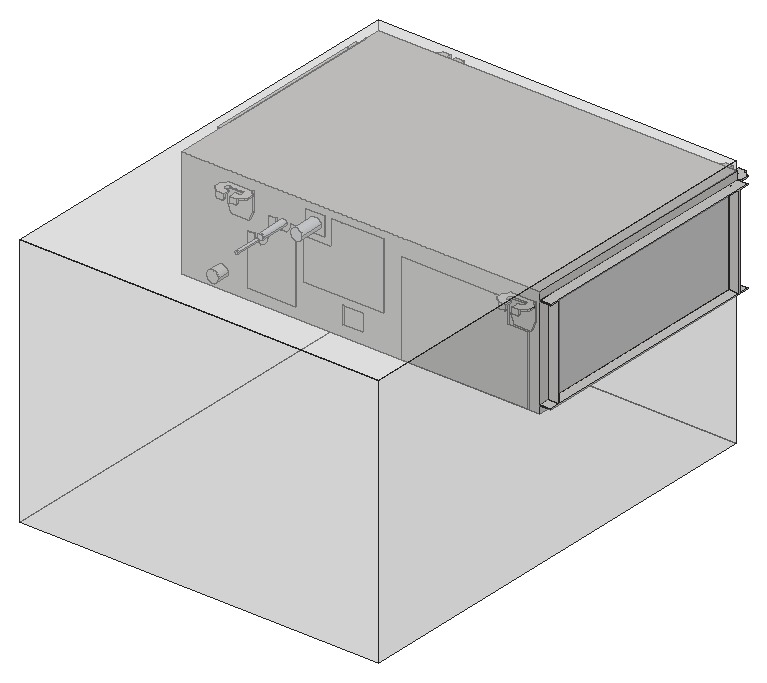
Revit family "outputfile", category 機械設備, Revit 2024
Family settings
  丸型コネクタ寸法 = 半径を使用
  パーツ タイプ = 標準
  OmniClass 番号 = 23.75.10.24.21.27.27
  OmniClass タイトル = Split System Air Conditioning Units
  作業面ベース = いいえ
  常に垂直 = はい
  ロード時にボイドで切り取り = いいえ
  注釈の向きを維持 = いいえ
  共有 = いいえ
  部屋計算ポイント = はい
Parameters (values of type "FXSQ20PAVE9")
  Description = ""
  製造元 = "Daikin"
  書き出し IFC クラス(タイプ) = "IfcUnitaryEquipmentType"
  定義済み IFC タイプ(タイプ) = "AIRCONDITIONINGUNIT"
  Cost = 0
  モデル = "FXSQ20PAVE9"
  Type Comments = ""
  Keynote = ""
  Type Image = (empty or 0)
  Assembly Code = ""
  r_Liquid Pipe Size = Liquid Pipe Size / 2  # 3.2 mm
  r_Gas Pipe Size = Gas Pipe Size / 2  # 6.35 mm
  r_Drain Pipe Size = Drain Pipe Size / 2  # 12.5 mm
  lw_power = 770.0 mm  # constant formula
  lh_SA = 138.0 mm  # constant formula
  lw_SA = if(Depth = 550.0 mm, 225.0 mm, if(Depth = 700.0 mm, 300.0 mm, if(Depth = 1000.0 mm, 450.0 mm, if(Depth = 1400.0 mm, 650.0 mm, 725.0 mm))))  # 225.0 mm
  lw_RA = if(Depth = 550.0 mm, 275.0 mm, if(Depth = 700.0 mm, 349.0 mm, if(Depth = 1000.0 mm, 499.0 mm, if(Depth = 1400.0 mm, 699.0 mm, 775.0 mm))))  # 275.0 mm
  lh_power = 60.0 mm + [h***]  # 60.0 mm
  lh_mountinghole1 = lh_mountinghole + [h***]  # 222.0 mm
  lh_RA = 123.0 mm  # constant formula
  ld_power = Depth / 2  # 275.0 mm
  Voltage_comment_60Hz = "220"
  Voltage_comment_50Hz = "220-240"
  Voltage_60Hz = 220 V
  Voltage_50Hz = 220 V
  URL = ""
  Supply Air Direction [instance] = yes
  Sound Power Level_H speed (dB) = 61
  Phase_60Hz = 1
  Phase_50Hz = 1
  Minimum External Static Pressure = 30.00 Pa
  Minimum Circuit Amps_60Hz = 0.8 A
  Minimum Circuit Amps_50Hz = 0.8 A
  Maximum Fuse Amps_60Hz = 16.0 A
  Maximum Fuse Amps_50Hz = 16.0 A
  Maximum External Static Pressure = 150.00 Pa
  Material_Casing = DAIKIN_GalvanizedSteel_Casing_indoorunit
  lw_mountinghole = 630.0 mm  # constant formula
  lh_gaspipe = 183.0 mm + [h***]  # 183.0 mm
  lh_mountinghole = 222.0 mm  # constant formula
  lh_liquidpipe = 136.0 mm + [h***]  # 136.0 mm
  lh_drainpipe = 207.0 mm + [h***]  # 207.0 mm
  lh_antena = Height - lh_mountinghole + 1.0 mm  # 24.0 mm
  ld_drainpipe = Depth / 2 + 53.0 mm  # 328.0 mm
  ld_liquidpipe = Depth / 2 + 69.0 mm  # 344.0 mm
  ld_gaspipe = Depth / 2 + 65.0 mm  # 340.0 mm
  ld_mountinghole = Depth + 38.0 mm  # 588.0 mm
  h*** = 0.0 mm  # constant formula
  lw_liquidpipe = 179.0 mm  # constant formula
  lw_gaspipe = 229.0 mm  # constant formula
  lw_drainpipe = 300.0 mm  # constant formula
  Width = 800.0 mm
  Version = "ver.1.0"
  Unit Type = "Middle Static Pressure Duct Type"
  Unit Mass Weight = 25.00 kg
  Unit Designation [instance] = ""
  Uniclass2015Version = "Products v1.30"
  Uniclass2015Title = "Variable refrigerant flow units"
  Uniclass2015Code = "Pr_70_65_03_94"
  Total Heating Capacity [instance] = 0.000 kW
  Total Cooling Capacity [instance] = 0.000 kW
  Sound Pressure Level_M speed (dBA) = 0
  Sound Pressure Level_L speed (dBA) = 28
  Sound Pressure Level_H speed (dBA) = 33
  Series = "VRV Fan Coil Unit"
  Sensible Cooling Capacity [instance] = 0.000 kW
  SA Duct Size Width = if(Depth = 550.0 mm, 337.0 mm, if(Depth = 700.0 mm, 492.0 mm, if(Depth = 1000.0 mm, 792.0 mm, if(Depth = 1400.0 mm, 1192.0 mm, 1337.0 mm))))  # 337.0 mm
  SA Duct Size Height = 176.0 mm
  Refrigerant Type = "R410A"
  RA Duct Size Width = if(Depth = 550.0 mm, 502.0 mm, if(Depth = 700.0 mm, 654.0 mm, if(Depth = 1000.0 mm, 952.0 mm, if(Depth = 1400.0 mm, 1352.0 mm, 1502.0 mm))))  # 502.0 mm
  RA Duct Size Height = 208.0 mm
  Power Input (Heating) = 0.099 kW
  Power Input (Cooling) = 0.104 kW
  Option Accessory 3 [instance] = ""
  Option Accessory 2 [instance] = ""
  Option Accessory 1 [instance] = ""
  Nominal Heating Capacity = 2.500 kW
  Nominal Cooling Capacity = 2.200 kW
  Minimum Airflow = 390.00 m³/h
  Median Airflow = 450.00 m³/h
  Maximum Airflow = 540.00 m³/h
  Load Classification = HVAC
  Liquid Pipe Size = 6.4 mm
  Link_Nested Family [instance] = ""
  IfcVersion = "0"
  IfcExportType = "AIRCONDITIONINGUNIT"
  IfcExportAs = "IfcUnitaryEquipmentType"
  Height = 245.0 mm
  Heating Entering Wet Bulb Temperature [instance] = 0.00 °C
  Heating Entering Dry Bulb Temperature [instance] = 0.00 °C
  Heating Ambient Wet Bulb Temperature [instance] = 0.00 °C
  Heating Ambient Dry Bulb Temperature [instance] = 0.00 °C
  Heat Exchanger Type = "Cross Fin Coil"
  Gas Pipe Size = 12.7 mm
  Frequency_60Hz = 60 Hz
  Frequency_50Hz = 50 Hz
  Fan Type = "Sirocco Fan"
  Fan Drive = "Direct Drive"
  FCU Tag No. [instance] = ""
  Drain Pipe Size = 25.0 mm
  Design Supply Airflow [instance] = 0.00 m³/h
  Design Return Airflow [instance] = 0.00 m³/h
  Design External Static Pressure [instance] = 0.00 Pa
  Depth = 550.0 mm
  既定の高さ = 0.0 mm
  Cooling Entering Wet Bulb Temperature [instance] = 0.00 °C
  Cooling Entering Dry Bulb Temperature [instance] = 0.00 °C
  Cooling Ambient Wet Bulb Temperature [instance] = 0.00 °C
  Cooling Ambient Dry Bulb Temperature [instance] = 0.00 °C
  Clearance visibility [instance] = yes
  Clearance Top = 20.0 mm
  Clearance Right = 0.0 mm
  Clearance Rear = 0.0 mm
  Clearance Left = 0.0 mm
  Clearance Front = 450.0 mm
  Clearance Bottom = 300.0 mm
Reference planes
  plane 1 "Center (Front/Back)": y = 0
  plane 2 "h": z = 0
  plane 3 "Center (Left/Right)": x = 0
  plane 4 "Back": y = 275
  plane 5 "Front": y = -275
  plane 6 "Left": x = -400
  plane 7 "Reight": x = 400
  plane 8 "Top": z = 0
  plane 9 "Bottom": z = -245
  plane 10: y = -215
  plane 11: y = 275
  plane 12: y = -725
  plane 13: x = -400
  plane 14: x = 400
  plane 15: z = 20
  plane 16: z = -545
  plane 17: x = -400
  plane 18: x = -399
  plane 19: x = 399
  plane 20: y = 50
  plane 21: y = 0
  plane 22: z = -122
  plane 23: y = -276
  plane 24: z = -109
  plane 25: x = -221
  plane 26: y = -340
  plane 27: z = -62
  plane 28: x = -171
  plane 29: y = -328
  plane 30: z = -38
  plane 31: x = -100
  plane 32: x = -100
  plane 33: x = -221
  plane 34: x = -171
  plane 35: x = 370
  plane 36: x = -266
  plane 37: x = 364
  plane 38: y = -294
  plane 39: y = 294
  plane 40: z = -23
  plane 41: z = -107
  plane 42: y = -344
  plane 43: z = -207
  plane 44: x = -309
  plane 45: y = -301
  plane 46: x = -251
  plane 47: x = -203
  plane 48: x = -144
  plane 49: z = -59
  plane 50: z = -106
  plane 51: z = -221
  plane 52: z = -109
  plane 53: x = -221
  plane 54: z = -62
  plane 55: x = -171
  plane 56: z = -17
  plane 57: z = -59
  plane 58: x = -121
  plane 59: x = -79
  plane 60: x = -125
  plane 61: x = -64
  plane 62: x = 53
  plane 63: z = -164
  plane 64: z = -73
  plane 65: z = -16
  plane 66: x = 93.5
  plane 67: x = 374.5
  plane 68: x = 330
  plane 69: z = -88.5
  plane 70: z = -38
  plane 71: z = -242.5
  plane 72: x = -38.5
  plane 73: x = 6.5
  plane 74: z = -181
  plane 75: z = -221
  plane 76: y = -274
  plane 77: x = -424
  plane 78: x = 424
Forms (mm)
  Extrusion 1, solid, material "DAIKIN_GalvanizedSteel_Casing_indoorunit" <- "Material_Casing"
    sketch origin (0, 0, 0) x (1, 0, 0) y (0, 1, 0)
      loop
        line (-399, 275) -> (-399, -275) -> (399, -275) -> (399, 275) -> (-399, 275)
    from -245 to 0
  Extrusion 2, solid, material "DAIKIN_GalvanizedSteel_Casing_indoorunit" <- "Material_Casing"
    sketch origin (0, 0, 0) x (1, 0, 0) y (0, 0, 1)
      loop
        line (-251, -221) -> (-144, -221) -> (-144, -59) -> (-154.47, -59)
        arc (-154.47, -59) -> (-171, -78.8) -> (-187.53, -59) r 16.8
        line (-187.53, -59) -> (-203, -59) -> (-203, -106) -> (-206.916, -106)
        arc (-206.916, -106) -> (-221, -123.4) -> (-235.084, -106) r 14.4
        line (-235.084, -106) -> (-251, -106) -> (-251, -221)
    from 275 to 276
  Extrusion 3, solid, material "DAIKIN_GalvanizedSteel_Casing_indoorunit" <- "Material_Casing"
    sketch origin (0, 0, 0) x (1, 0, 0) y (0, 0, 1)
      loop
        line (-121, -17) -> (-121, -59) -> (-79, -59) -> (-79, -17) -> (-121, -17)
      loop
        line (-125, -73) -> (-125, -164) -> (53, -164) -> (53, -16) -> (-64, -16) -> (-64, -73) -> (-125, -73)
    from 275 to 276
  Extrusion 4, solid, material "DAIKIN_GalvanizedSteel_Casing_indoorunit" <- "Material_Casing"
    sketch origin (0, 0, 0) x (1, 0, 0) y (0, 0, 1)
      loop
        line (93.5, -38) -> (93.5, -242.5) -> (374.5, -242.5) -> (374.5, -88.5) -> (330, -88.5) -> (330, -38) -> (93.5, -38)
    from 275 to 276
  Extrusion 5, solid
    sketch origin (0, 0, 0) x (1, 0, 0) y (0, 0, 1)
      loop
        circle (-221, -109) r 3.2
    from 275 to 344
  Extrusion 6, solid
    sketch origin (0, 0, 0) x (1, 0, 0) y (0, 0, 1)
      loop
        circle (-171, -62) r 6.35
    from 275 to 340
  Extrusion 7, solid
    sketch origin (0, 0, 0) x (1, 0, 0) y (0, 0, 1)
      loop
        circle (-100, -38) r 12.5
    from 276 to 328
  Extrusion 8, solid, material "DAIKIN_GalvanizedSteel_Casing_indoorunit" <- "Material_Casing"
    sketch origin (0, 0, 0) x (1, 0, 0) y (0, 0, 1)
      loop
        circle (-309, -207) r 13
    from 275 to 301
  Extrusion 9, void
    sketch origin (0, 0, 0) x (1, 0, 0) y (0, 0, 1)
      loop
        line (-38.5, -181) -> (-38.5, -221) -> (6.5, -221) -> (6.5, -181) -> (-38.5, -181)
    from 274 to 275
Cuts and joins
  Extrusion 9 cuts Extrusion 1
Dimensions and locks
  "Height": plane 8 "Top" to plane 9 "Bottom"
  equal spacing: plane 4 "Back", plane 1 "Center (Front/Back)", plane 5 "Front"
  "Depth": plane 4 "Back" to plane 5 "Front"
  equal spacing: plane 6 "Left", plane 3 "Center (Left/Right)", plane 7 "Reight"
  "Width": plane 6 "Left" to plane 7 "Reight"
  "Clearance Left": plane 13 to plane 6 "Left"
  "Clearance Right": plane 7 "Reight" to plane 14
  "Clearance Rear": plane 11 to plane 4 "Back"
  "Clearance Front": plane 5 "Front" to plane 12
  "Clearance Top": plane 15 to plane 8 "Top"
  "Clearance Bottom": plane 9 "Bottom" to plane 16
  locked: plane 17 to plane 18 at 1
  locked: plane 19 to plane 14 at 1
  "lw_SA": plane 11 to plane 20
  "lw_RA": plane 21 to plane 5 "Front"
  "lh_RA": plane 22 to plane 9 "Bottom"
  locked: plane 5 "Front" to plane 23 at 1
  "lw_liquidpipe": plane 25 to plane 6 "Left"
  "lh_liquidpipe": plane 24 to plane 9 "Bottom"
  "lh_gaspipe": plane 27 to plane 9 "Bottom"
  "lw_gaspipe": plane 28 to plane 6 "Left"
  "ld_gaspipe": plane 26 to plane 1 "Center (Front/Back)"
  "ld_drainpipe": plane 29 to plane 1 "Center (Front/Back)"
  "lh_drainpipe": plane 30 to plane 9 "Bottom"
  "lw_drainpipe": plane 31 to plane 6 "Left"
  "lw_drainpipe": plane 6 "Left" to plane 32
  "lw_liquidpipe": plane 6 "Left" to plane 33
  "lw_gaspipe": plane 6 "Left" to plane 34
  "lw_power": plane 6 "Left" to plane 35
  locked: plane 17 to plane 36 at 134
  "lw_mountinghole": plane 36 to plane 37
  equal spacing: plane 38, plane 1 "Center (Front/Back)", plane 39
  "ld_mountinghole": plane 39 to plane 38
  "lh_mountinghole": plane 40 to plane 9 "Bottom"
  "lh_SA": plane 41 to plane 9 "Bottom"
  "ld_liquidpipe": plane 21 to plane 42
  locked: plane 44 to plane 6 "Left" at 91
  locked: plane 43 to plane 9 "Bottom" at 38
  locked: plane 5 "Front" to plane 45 at 26
  plane 48 to plane 47 to plane 46 to plane 6 "Left" = 59.0 mm, 48.0 mm, 149.0 mm
  plane 8 "Top" to plane 49 to plane 50 to plane 51 = 59.0 mm locked, 47.0 mm locked, 115.0 mm locked
  plane 55 to plane 53 to plane 6 "Left" = 50.0 mm locked, 179.0 mm locked
  plane 54 to plane 52 to plane 9 "Bottom" = 47.0 mm locked, 136.0 mm locked
  plane 59 to plane 58 to plane 6 "Left" = 42.0 mm locked, 279.0 mm locked
  plane 8 "Top" to plane 56 to plane 57 = 17.0 mm locked, 42.0 mm locked
  plane 62 to plane 61 to plane 60 to plane 6 "Left" = 117.0 mm, 61.0 mm, 275.0 mm
  plane 8 "Top" to plane 65 to plane 64 = 16.0 mm locked, 57.0 mm locked
  locked: plane 65 to plane 63 at 148
  plane 8 "Top" to plane 70 to plane 69 to plane 71 = 38.0 mm locked, 50.5 mm locked, 154.0 mm locked
  plane 67 to plane 68 to plane 66 to plane 6 "Left" = 44.5 mm locked, 236.5 mm locked, 493.5 mm locked
  plane 8 "Top" to plane 74 to plane 75 = 181.0 mm locked, 40.0 mm locked
  plane 73 to plane 72 to plane 6 "Left" = 45.0 mm, 361.5 mm
  locked: plane 76 to plane 5 "Front" at 1
  locked: plane 77 to plane 17 at 24
  locked: plane 14 to plane 78 at 24
  "r_Liquid Pipe Size": radius of Extrusion 5 sketch curve
  "r_Gas Pipe Size": radius of Extrusion 6 sketch curve
  "r_Drain Pipe Size": radius of Extrusion 7 sketch curve
  aligned and locked: level to plane 2 "h"
  aligned and locked: plane 8 "Top" to Extrusion 1
  aligned and locked: Extrusion 1 to plane 9 "Bottom"
  aligned and locked: nested 5 to plane 12
  aligned and locked: plane 13 to nested 5
  aligned and locked: plane 14 to nested 5
  aligned and locked: nested 5 to plane 13
  aligned and locked: plane 11 to nested 5
  aligned and locked: plane 15 to nested 5
  aligned and locked: plane 16 to nested 5
  aligned and locked: plane 5 "Front" to Extrusion 1 sketch curve
  aligned and locked: Extrusion 1 to plane 18
  aligned and locked: plane 19 to Extrusion 1
  aligned and locked: nested 7 to plane 18
  aligned and locked: nested 7 to plane 20
  aligned and locked: plane 19 to nested 8
  aligned and locked: plane 21 to nested 8
  aligned and locked: plane 22 to nested 8
  aligned and locked: Extrusion 2 to plane 23
  aligned and locked: plane 5 "Front" to Extrusion 2
  aligned and locked: Extrusion 3 to plane 23
  aligned and locked: plane 5 "Front" to Extrusion 3
  aligned and locked: plane 5 "Front" to Extrusion 4
  aligned and locked: Extrusion 5 sketch curve to plane 25
  aligned and locked: plane 24 to Extrusion 5 sketch curve
  aligned and locked: plane 5 "Front" to Extrusion 5
  aligned and locked: Extrusion 6 sketch curve to plane 28
  aligned and locked: plane 27 to Extrusion 6 sketch curve
  aligned and locked: plane 5 "Front" to Extrusion 6
  aligned and locked: Extrusion 7 sketch curve to plane 31
  aligned and locked: Extrusion 7 sketch curve to plane 30
  aligned and locked: Extrusion 7 to plane 29
  aligned and locked: plane 23 to Extrusion 7
  aligned and locked: nested 3 to plane 29
  aligned and locked: plane 32 to nested 3
  aligned and locked: nested 2 to plane 33
  aligned and locked: nested 1 to plane 34
  aligned and locked: Extrusion 6 to plane 26
  aligned and locked: nested 1 to plane 26
  aligned and locked: nested 6 to plane 5 "Front"
  aligned and locked: plane 35 to nested 6
  aligned and locked: plane 36 to nested 10
  aligned and locked: nested 10 to plane 5 "Front"
  aligned and locked: plane 37 to nested 9
  aligned and locked: nested 9 to plane 5 "Front"
  aligned and locked: nested 11 to plane 36
  aligned and locked: plane 4 "Back" to nested 11
  aligned and locked: nested 12 to plane 37
  aligned and locked: plane 4 "Back" to nested 12
  aligned and locked: plane 40 to nested 10
  aligned and locked: plane 40 to nested 11
  aligned and locked: plane 40 to nested 9
  aligned and locked: plane 40 to nested 12
  aligned and locked: plane 36 to nested 14
  aligned and locked: nested 14 to plane 39
  aligned and locked: plane 37 to nested 13
  aligned and locked: nested 13 to plane 39
  aligned and locked: plane 37 to nested 16
  aligned and locked: plane 38 to nested 16
  aligned and locked: plane 38 to nested 15
  aligned and locked: plane 36 to nested 15
  aligned and locked: plane 17 to plane 6 "Left"
  aligned and locked: plane 41 to nested 7
  aligned and locked: Extrusion 5 to plane 42
  aligned and locked: nested 2 to plane 42
  aligned and locked: Extrusion 8 sketch curve to plane 44
  aligned and locked: plane 43 to Extrusion 8 sketch curve
  aligned and locked: plane 5 "Front" to Extrusion 8
  aligned and locked: plane 45 to Extrusion 8
  aligned and locked: Extrusion 3 sketch curve to plane 56
  aligned and locked: Extrusion 3 sketch curve to plane 58
  aligned and locked: plane 57 to Extrusion 3 sketch curve
  aligned and locked: plane 59 to Extrusion 3 sketch curve
  aligned and locked: Extrusion 4 to plane 23
  aligned and locked: Extrusion 9 sketch curve to plane 74
  aligned and locked: plane 75 to Extrusion 9 sketch curve
  aligned and locked: plane 73 to Extrusion 9 sketch curve
  aligned and locked: plane 5 "Front" to Extrusion 9
  aligned and locked: plane 76 to Extrusion 9
  aligned and locked: nested 17 to plane 20
  aligned and locked: nested 17 to plane 77
  aligned and locked: plane 21 to nested 18
  aligned and locked: plane 78 to nested 18
  aligned and locked: plane 41 to nested 17
  aligned and locked: nested 18 to plane 22
  aligned and locked: nested 4 to plane 3 "Center (Left/Right)"
  aligned and locked: plane 1 "Center (Front/Back)" to nested 4
  aligned and locked: plane 8 "Top" to level
Automatic sketch dimensions
  plane 6 "Left" to Extrusion 1 sketch curve = 1.0 mm
  Extrusion 1 sketch curve to plane 7 "Reight" = 1.0 mm
  Extrusion 1 sketch curve to plane 4 "Back" = 0.0 mm
  Extrusion 2 sketch curve to plane 46 = 0.0 mm
  Extrusion 2 sketch curve to plane 33 = 0.0 mm
  Extrusion 2 sketch curve to plane 47 = 0.0 mm
  Extrusion 2 sketch curve to plane 34 = 0.0 mm
  Extrusion 2 sketch curve to plane 48 = 0.0 mm
  Extrusion 2 sketch curve to plane 51 = 0.0 mm
  Extrusion 2 sketch curve to plane 52 = 0.0 mm
  Extrusion 2 sketch curve to plane 50 = 0.0 mm  (x3)
  Extrusion 2 sketch curve to plane 54 = 0.0 mm
  Extrusion 2 sketch curve to plane 49 = 0.0 mm  (x3)
  plane 33 to Extrusion 2 sketch curve = 14.084 mm
  plane 34 to Extrusion 2 sketch curve = 16.53 mm
  Extrusion 3 sketch curve to plane 60 = 0.0 mm
  Extrusion 3 sketch curve to plane 61 = 0.0 mm
  Extrusion 3 sketch curve to plane 62 = 0.0 mm
  Extrusion 3 sketch curve to plane 63 = 0.0 mm
  Extrusion 3 sketch curve to plane 64 = 0.0 mm
  Extrusion 3 sketch curve to plane 65 = 0.0 mm
  Extrusion 4 sketch curve to plane 66 = 0.0 mm
  Extrusion 4 sketch curve to plane 68 = 0.0 mm
  Extrusion 4 sketch curve to plane 67 = 0.0 mm
  Extrusion 4 sketch curve to plane 71 = 0.0 mm
  Extrusion 4 sketch curve to plane 69 = 0.0 mm
  Extrusion 4 sketch curve to plane 70 = 0.0 mm
  Extrusion 9 sketch curve to plane 72 = 0.0 mm
  radius of Extrusion 8 sketch curve = 13.0 mm
Nested families
  nested 1: "daikin_connector_rotate2" at (-171, 0, -62), length <- "ld_gaspipe", built-in parameter 1001364 <- "lh_gaspipe", radius <- "r_Gas Pipe Size", type "daikin_connector_rotate2"
    with radius 6.35 mm, length 340.0 mm, angle_vertical 90.00°
  nested 2: "daikin_connector_rotate2" at (-221, 0, -109), length <- "ld_liquidpipe", built-in parameter 1001364 <- "lh_liquidpipe", radius <- "r_Liquid Pipe Size", type "daikin_connector_rotate2"
    with radius 3.2 mm, length 344.0 mm, angle_vertical 90.00°
  nested 3: "daikin_connector_rotate2" at (-100, 0, -38), length <- "ld_drainpipe", built-in parameter 1001364 <- "lh_drainpipe", radius <- "r_Drain Pipe Size", type "daikin_connector_rotate2"
    with radius 12.5 mm, length 328.0 mm, angle_vertical 90.00°
  nested 4: "daikin_△_symbolicline" at (0, 0, 245) x (0, -1, 0) z (0, 0, 1), built-in parameter 1001364 <- "Height", visible <- "Supply Air Direction", type "daikin_△_symbolicline"
    with length 200.0 mm
  nested 5: "daikin_clearancespace" at (0, -225, -262.381), visible <- "Clearance visibility", show <- "Clearance visibility", Link_Nested Family <- "Link_Nested Family", type "daikin_clearancespace"
    with width 800.0 mm, show yes, height 565.0 mm, depth 1000.0 mm, Link_Nested Family ""
  nested 6: "daikin_connector_rotate2" at (370, 0, -185), built-in parameter 1001364 <- "lh_power", length <- "ld_power", type "daikin_connector_rotate2"
    with radius 10.0 mm, length 275.0 mm, angle_vertical 90.00°
  nested 7: "daikin_ductflange_FXSQ-PAVE9_2" at (-399, 50, -107) x (0, -1, 0) z (0, 0, 1), type "daikin_ductflange_FXSQ-PAVE9_2"
  nested 8: "daikin_ductflange_FXSQ-PAVE9_1" at (399, 0, -122) x (0, 1, 0) z (0, 0, 1), type "daikin_ductflange_FXSQ-PAVE9_1"
  nested 9: "daikin_hangerfixture_FXSQ-PAVE9" at (364, -275, -23), type "daikin_hangerfixture_FXSQ-PAVE9"
  nested 10: "daikin_hangerfixture_FXSQ-PAVE9" at (-266, -275, -23), type "daikin_hangerfixture_FXSQ-PAVE9"
  nested 11: "daikin_hangerfixture_FXSQ-PAVE9" at (-266, 275, -23) x (-1, 0, 0) z (0, 0, 1), type "daikin_hangerfixture_FXSQ-PAVE9"
  nested 12: "daikin_hangerfixture_FXSQ-PAVE9" at (364, 275, -23) x (-1, 0, 0) z (0, 0, 1), type "daikin_hangerfixture_FXSQ-PAVE9"
  nested 13: "daikin_mountinghole" at (364, 294, -245), h_mountinghole <- "lh_mountinghole1", l_antenna <- "lh_antena", Link_Nested Family <- "Link_Nested Family", type "daikin_mountinghole"
    with show yes, l_antenna 24.0 mm, h_mountinghole 222.0 mm, Link_Nested Family ""
  nested 14: "daikin_mountinghole" at (-266, 294, -245), h_mountinghole <- "lh_mountinghole1", l_antenna <- "lh_antena", Link_Nested Family <- "Link_Nested Family", type "daikin_mountinghole"
    with show yes, l_antenna 24.0 mm, h_mountinghole 222.0 mm, Link_Nested Family ""
  nested 15: "daikin_mountinghole" at (-266, -294, -245), h_mountinghole <- "lh_mountinghole1", l_antenna <- "lh_antena", Link_Nested Family <- "Link_Nested Family", type "daikin_mountinghole"
    with show yes, l_antenna 24.0 mm, h_mountinghole 222.0 mm, Link_Nested Family ""
  nested 16: "daikin_mountinghole" at (364, -294, -245), h_mountinghole <- "lh_mountinghole1", l_antenna <- "lh_antena", Link_Nested Family <- "Link_Nested Family", type "daikin_mountinghole"
    with show yes, l_antenna 24.0 mm, h_mountinghole 222.0 mm, Link_Nested Family ""
  nested 17: "daikin_connector_rotate2" at (-400, 50, -107) x (0, -1, 0) z (0, 0, 1), type "daikin_connector_rotate2"
    with radius 10.0 mm, length 24.0 mm, angle_vertical 90.00°
  nested 18: "daikin_connector_rotate2" at (400, 0, -122) x (0, 1, 0) z (0, 0, 1), type "daikin_connector_rotate2"
    with radius 10.0 mm, length 24.0 mm, angle_vertical 90.00°
Connectors
  piping at (-100, -328, -38), diameter 25, driven by "r_Drain Pipe Size"
    settings: on nested 3, index 3, connector inside diameter 609.6 mm, connector length 0.0 mm, flow factor 0, pipe flow 0.00 m³/h, pressure drop 0.0 Pa, fitting loss kfactor 0, connector angle 0.00°, fixture units 0, engagement length 0.0 mm, angle of deflection 0.00°, flow configuration 1, flow direction 2, fitting loss method 4, system type 16, joint type 0, gender type 0, connector reference index -1, connector utility 0, adjustable connector no, is connector primary yes, connector description "Condensate Drain Piping"
  piping at (-171, -340, -62), diameter 12.7, driven by "r_Gas Pipe Size"
    settings: on nested 1, index 4, connector inside diameter 609.6 mm, connector length 0.0 mm, flow factor 0, pipe flow 0.00 m³/h, pressure drop 0.0 Pa, fitting loss kfactor 0, connector angle 0.00°, fixture units 0, engagement length 0.0 mm, angle of deflection 0.00°, flow configuration 1, flow direction 2, fitting loss method 0, system type 29, joint type 0, gender type 0, connector reference index -1, connector utility 0, adjustable connector no, is connector primary no, connector description "Refrigerant Gas Piping"
  piping at (-221, -344, -109), diameter 6.4, driven by "r_Liquid Pipe Size"
    settings: on nested 2, index 5, connector inside diameter 609.6 mm, connector length 0.0 mm, flow factor 0, pipe flow 0.00 m³/h, pressure drop 0.0 Pa, fitting loss kfactor 0, connector angle 0.00°, fixture units 0, engagement length 0.0 mm, angle of deflection 0.00°, flow configuration 1, flow direction 1, fitting loss method 0, system type 29, joint type 0, gender type 0, connector reference index -1, connector utility 0, adjustable connector no, is connector primary no, connector description "Refrigerant Liquid Piping"
  electrical at (370, -275, -185), driven by "Load Classification"
    settings: on nested 6, index 6, voltage 0 V, apparent load 0 VA, apparent load phase1 0 VA, apparent load phase2 0 VA, apparent load phase3 0 VA, power factor 1, load classification "HVAC", number of poles 1, system type 30, power factor state 1, is connector primary yes, connector utility no, sub classification motor no, connector description "Power Supply"
  hvac at (-424, 50, -107), driven by "SA Duct Size Height", driven by "SA Duct Size Width"
    settings: on nested 17, index 7, duct flow 0.00 m³/h, flow factor 0, pres drop 0.00 Pa, loss coef 0, conn angle 0.00°, conn width 337.0 mm, conn height 176.0 mm, conn diameter 609.6 mm, duct sys type 1, conn prof type 1, flow config 0, flow direction 2, loss method 4, conn ref index -1, conn util no, is conn primary yes, conn desc "SA Duct"
  hvac at (424, 0, -122), driven by "RA Duct Size Height", driven by "RA Duct Size Width"
    settings: on nested 18, index 8, duct flow 0.00 m³/h, flow factor 0, pres drop 0.00 Pa, loss coef 0, conn angle 0.00°, conn width 502.0 mm, conn height 208.0 mm, conn diameter 609.6 mm, duct sys type 2, conn prof type 1, flow config 0, flow direction 1, loss method 4, conn ref index -1, conn util no, is conn primary no, conn desc "RA Duct"
Definition of nested family "daikin_clearancespace"
  Parameters (values of type "daikin_clearancespace")
    width [instance] = 1823.963 mm
    show [instance] = yes
    material = none
    height [instance] = 1359.762 mm
    depth [instance] = 880.0 mm
    Default Elevation = 0.0 mm
    Link_Nested Family [instance] = ""
  Reference planes
    plane 1 "Center (Front/Back)": y = 0
    plane 2 "Center (Elevation)": z = -0.119
    plane 3 "Center (Left/Right)": x = 0
    plane 4: y = 440
    plane 5: y = -440
    plane 6 "Right": x = 911.982
    plane 7 "Left": x = -911.982
    plane 8 "Top": z = 679.762
    plane 9 "Bottom": z = -680
  Forms (mm)
    Extrusion 1, solid, material <- "material", visible <- "show"
      sketch origin (0, 0, 0) x (1, 0, 0) y (0, 1, 0)
        loop
          line (-911.982, 440) -> (-911.982, -440) -> (911.982, -440) -> (911.982, 440) -> (-911.982, 440)
      from -680 to 679.762
  Lines and regions (mm)
    symbolic lines, visible <- "show"
      curve 1: line (911.982, 440, 0) -> (-911.982, 440, 0)
      curve 2: line (-911.982, 440, 0) -> (-911.982, -440, 0)
      curve 3: line (-911.982, -440, 0) -> (911.982, -440, 0)
      curve 4: line (911.982, -440, 0) -> (911.982, 440, 0)
      curve 5: line (911.982, 0, 679.762) -> (-911.982, 0, 679.762)
      curve 6: line (911.982, 0, -680) -> (911.982, 0, 679.762)
      curve 7: line (-911.982, 0, -680) -> (911.982, 0, -680)
      curve 8: line (-911.982, 0, 679.762) -> (-911.982, 0, -680)
      curve 9: line (0, 440, 679.762) -> (0, -440, 679.762)
      curve 10: line (0, -440, 679.762) -> (0, -440, -680)
      curve 11: line (0, 440, -680) -> (0, 440, 679.762)
      curve 12: line (0, -440, -680) -> (0, 440, -680)
  Dimensions and locks
    "width": plane 7 "Left" to plane 6 "Right"
    "depth": plane 4 to plane 5
    "height": plane 8 "Top" to plane 9 "Bottom"
    equal spacing: plane 7 "Left", plane 3 "Center (Left/Right)", plane 6 "Right"
    equal spacing: plane 4, plane 1 "Center (Front/Back)", plane 5
    equal spacing: plane 8 "Top", plane 2 "Center (Elevation)", plane 9 "Bottom"
    aligned and locked: level to plane 2 "Center (Elevation)"
    aligned and locked: Extrusion 1 sketch curve to plane 4
    aligned and locked: plane 7 "Left" to Extrusion 1 sketch curve
    aligned and locked: Extrusion 1 sketch curve to plane 5
    aligned and locked: Extrusion 1 sketch curve to plane 6 "Right"
    aligned and locked: plane 8 "Top" to Extrusion 1
    aligned and locked: curve 1 to Extrusion 1
    aligned and locked: curve 2 to Extrusion 1
    aligned and locked: curve 3 to Extrusion 1
    aligned and locked: curve 4 to Extrusion 1
    aligned and locked: curve 5 to Extrusion 1
    aligned and locked: curve 6 to Extrusion 1
    aligned and locked: curve 7 to Extrusion 1
    aligned and locked: curve 8 to Extrusion 1
    aligned and locked: curve 9 to Extrusion 1
    aligned and locked: curve 10 to Extrusion 1
    aligned and locked: curve 11 to Extrusion 1
    aligned and locked: curve 12 to Extrusion 1
    aligned and locked: Extrusion 1 to plane 9 "Bottom"
Definition of nested family "daikin_ductflange_FXSQ-PAVE9_2"
  Parameters (values of type "daikin_ductflange_FXMQ-PAVE2")
    width = if(w = 550.0 mm, 337.0 mm, if(w = 700.0 mm, 492.0 mm, if(w = 1000.0 mm, 792.0 mm, if(w = 1400.0 mm, 1192.0 mm, 1337.0 mm))))  # 337.0 mm
    material = none
    height = 215.0 mm
    depth = 1.0 mm
    w = 550.0 mm
    Default Elevation = 0.0 mm
  Reference planes
    plane 1 "Center (Front/Back)": y = 0
    plane 2: z = 0
    plane 3 "Center (Left/Right)": x = 0
    plane 4: z = 88
    plane 5: z = -88
    plane 6: y = -25
    plane 7: z = 106
    plane 8: z = 89
    plane 9: y = -1
    plane 10: x = -192.5
    plane 11: x = 192.5
    plane 12: z = -106
    plane 13: z = -89
    plane 14: y = -1
    plane 15: x = 168.5
    plane 16: x = -168.5
    plane 17: x = 169.5
    plane 18: z = 87
    plane 19: z = -87
    plane 20: x = -169.5
    plane 21: z = 87
    plane 22: z = -87
    plane 23: y = -1
  Forms (mm)
    Extrusion 1, solid, material <- "material"
      sketch origin (0, 0, 0) x (0, 1, 0) y (0, 0, 1)
        loop
          line (-25, 88) -> (0, 88) -> (0, 106) -> (-1, 106) -> (-1, 89) -> (-25, 89) -> (-25, 88)
      from -192.5 to 192.5
    Extrusion 2, solid, material <- "material"
      sketch origin (0, 0, 0) x (0, 1, 0) y (0, 0, 1)
        loop
          line (-25, -88) -> (-25, -89) -> (-1, -89) -> (-1, -106) -> (0, -106) -> (0, -88) -> (-25, -88)
      from -192.5 to 192.5
    Extrusion 3, solid, material <- "material"
      sketch origin (0, 0, 0) x (1, 0, 0) y (0, 0, 1)
        loop
          line (168.5, 88) -> (168.5, -88) -> (192.5, -88) -> (192.5, -87) -> (169.5, -87) -> (169.5, 87) -> (192.5, 87) -> (192.5, 88) -> (168.5, 88)
      from 0 to 25
    Extrusion 4, solid, material <- "material"
      sketch origin (0, 0, 0) x (1, 0, 0) y (0, 0, 1)
        loop
          line (-192.5, 88) -> (-192.5, 87) -> (-169.5, 87) -> (-169.5, -87) -> (-192.5, -87) -> (-192.5, -88) -> (-168.5, -88) -> (-168.5, 88) -> (-192.5, 88)
      from 0 to 25
    Extrusion 5, solid, material <- "material"
      sketch origin (0, 0, 0) x (1, 0, 0) y (0, 0, 1)
        loop
          line (-192.5, 88) -> (-192.5, -88) -> (-168.5, -88) -> (-168.5, 88) -> (-192.5, 88)
        loop
          line (192.5, 88) -> (168.5, 88) -> (168.5, -88) -> (192.5, -88) -> (192.5, 88)
      from 0 to 1
  Cuts and joins
    joined: Extrusion 1, Extrusion 2, Extrusion 3, Extrusion 4, Extrusion 5
  Dimensions and locks
    plane 4 to level to plane 5 = 88.0 mm, 88.0 mm
    locked: plane 6 to plane 1 "Center (Front/Back)" at 25
    locked: plane 9 to plane 1 "Center (Front/Back)" at 1
    locked: plane 8 to plane 4 at 1
    locked: plane 16 to plane 10 at 24
    locked: plane 17 to plane 15 at 1
    locked: plane 4 to plane 18 at 1
    locked: plane 19 to plane 5 at 1
    "width": plane 15 to plane 16
    plane 4 to plane 5 = 176.0 mm
    locked: plane 16 to plane 20 at 1
    locked: plane 4 to plane 21 at 1
    locked: plane 22 to plane 5 at 1
    locked: plane 23 to plane 1 "Center (Front/Back)" at 1
    plane 4 to level to plane 5 = 88.0 mm locked, 88.0 mm locked
    locked: plane 5 to plane 13 at 1
    locked: plane 5 to plane 12 at 18
    locked: plane 7 to plane 4 at 18
    equal spacing: plane 15, plane 3 "Center (Left/Right)", plane 16
    locked: plane 11 to plane 15 at 24
    plane 11 to plane 10 = 385.0 mm
    aligned and locked: level to plane 2
    aligned and locked: Extrusion 1 to plane 10
    aligned and locked: plane 11 to Extrusion 1
    aligned and locked: plane 5 to Extrusion 2
    aligned and locked: Extrusion 2 to plane 1 "Center (Front/Back)"
    aligned and locked: plane 15 to Extrusion 3 sketch curve
    aligned and locked: Extrusion 3 sketch curve to Extrusion 2  (x2)
    aligned and locked: Extrusion 3 sketch curve to plane 11
    aligned and locked: plane 6 to Extrusion 3
    aligned and locked: Extrusion 2 to plane 10
    aligned and locked: plane 11 to Extrusion 2
    aligned and locked: Extrusion 4 sketch curve to Extrusion 1  (x2)
    aligned and locked: plane 5 to Extrusion 4 sketch curve
    aligned and locked: Extrusion 4 sketch curve to plane 16
    aligned and locked: Extrusion 4 sketch curve to plane 22
    aligned and locked: plane 20 to Extrusion 4 sketch curve
    aligned and locked: plane 21 to Extrusion 4 sketch curve
    aligned and locked: Extrusion 4 to plane 1 "Center (Front/Back)"
    aligned and locked: plane 6 to Extrusion 4
    aligned and locked: Extrusion 5 sketch curve to Extrusion 1  (x4)
    aligned and locked: Extrusion 5 sketch curve to Extrusion 4  (x2)
    aligned and locked: Extrusion 5 sketch curve to Extrusion 3  (x2)
    aligned and locked: Extrusion 5 to plane 1 "Center (Front/Back)"
    aligned and locked: plane 23 to Extrusion 5
  Automatic sketch dimensions
    Extrusion 1 sketch curve to plane 6 = 0.0 mm
    Extrusion 1 sketch curve to plane 7 = 0.0 mm
    Extrusion 1 sketch curve to plane 9 = 0.0 mm
    Extrusion 1 sketch curve to plane 1 "Center (Front/Back)" = 0.0 mm
    Extrusion 1 sketch curve to plane 4 = 0.0 mm
    Extrusion 1 sketch curve to plane 8 = 0.0 mm
    Extrusion 2 sketch curve to plane 6 = 0.0 mm
    plane 12 to Extrusion 2 sketch curve = 0.0 mm
    Extrusion 2 sketch curve to plane 14 = 0.0 mm
    Extrusion 2 sketch curve to plane 1 "Center (Front/Back)" = 0.0 mm
    plane 13 to Extrusion 2 sketch curve = 0.0 mm
    Extrusion 2 sketch curve to plane 5 = 0.0 mm
    Extrusion 3 sketch curve to plane 17 = 0.0 mm
    Extrusion 3 sketch curve to plane 19 = 0.0 mm
    Extrusion 3 sketch curve to plane 18 = 0.0 mm
    Extrusion 3 sketch curve to plane 4 = 0.0 mm
    Extrusion 4 sketch curve to plane 10 = 0.0 mm
Definition of nested family "daikin_ductflange_FXSQ-PAVE9_1"
  Parameters (values of type "daikin_ductflange_FXMQ-PAVE")
    width = if(w = 550.0 mm, 502.0 mm, if(w = 700.0 mm, 654.0 mm, if(w = 1000.0 mm, 952.0 mm, if(w = 1400.0 mm, 1352.0 mm, 1502.0 mm))))  # 502.0 mm
    material = none
    height = 208.0 mm
    depth = 1.0 mm
    w = 550.0 mm
    Default Elevation = 0.0 mm
  Reference planes
    plane 1 "Center (Front/Back)": y = 0
    plane 2: z = 0
    plane 3 "Center (Left/Right)": x = 0
    plane 4: z = 104
    plane 5: z = -104
    plane 6: y = -25
    plane 7: z = 121
    plane 8: z = 105
    plane 9: y = -1
    plane 10: x = -275
    plane 11: x = 275
    plane 12: z = -122
    plane 13: z = -105
    plane 14: y = -1
    plane 15: x = 251
    plane 16: x = -251
    plane 17: x = 252
    plane 18: z = 103
    plane 19: z = -103
    plane 20: x = -252
    plane 21: z = 103
    plane 22: z = -103
    plane 23: y = -1
  Forms (mm)
    Extrusion 1, solid, material <- "material"
      sketch origin (0, 0, 0) x (0, 1, 0) y (0, 0, 1)
        loop
          line (-25, 104) -> (0, 104) -> (0, 121) -> (-1, 121) -> (-1, 105) -> (-25, 105) -> (-25, 104)
      from -275 to 275
    Extrusion 2, solid, material <- "material"
      sketch origin (0, 0, 0) x (0, 1, 0) y (0, 0, 1)
        loop
          line (-25, -104) -> (-25, -105) -> (-1, -105) -> (-1, -122) -> (0, -122) -> (0, -104) -> (-25, -104)
      from -275 to 275
    Extrusion 3, solid, material <- "material"
      sketch origin (0, 0, 0) x (1, 0, 0) y (0, 0, 1)
        loop
          line (251, 104) -> (251, -104) -> (275, -104) -> (275, -103) -> (252, -103) -> (252, 103) -> (275, 103) -> (275, 104) -> (251, 104)
      from 0 to 25
    Extrusion 4, solid, material <- "material"
      sketch origin (0, 0, 0) x (1, 0, 0) y (0, 0, 1)
        loop
          line (-275, 104) -> (-275, 103) -> (-252, 103) -> (-252, -103) -> (-275, -103) -> (-275, -104) -> (-251, -104) -> (-251, 104) -> (-275, 104)
      from 0 to 25
    Extrusion 5, solid, material <- "material"
      sketch origin (0, 0, 0) x (1, 0, 0) y (0, 0, 1)
        loop
          line (-275, 104) -> (-275, -104) -> (-251, -104) -> (-251, 104) -> (-275, 104)
        loop
          line (275, 104) -> (251, 104) -> (251, -104) -> (275, -104) -> (275, 104)
      from 0 to 1
  Cuts and joins
    joined: Extrusion 1, Extrusion 2, Extrusion 3, Extrusion 4, Extrusion 5
  Dimensions and locks
    plane 4 to level to plane 5 = 104.0 mm, 104.0 mm
    locked: plane 6 to plane 1 "Center (Front/Back)" at 25
    locked: plane 9 to plane 1 "Center (Front/Back)" at 1
    locked: plane 8 to plane 4 at 1
    locked: plane 11 to plane 15 at 24
    locked: plane 16 to plane 10 at 24
    locked: plane 17 to plane 15 at 1
    locked: plane 4 to plane 18 at 1
    locked: plane 19 to plane 5 at 1
    "width": plane 15 to plane 16
    equal spacing: plane 15, plane 3 "Center (Left/Right)", plane 16
    locked: plane 16 to plane 20 at 1
    locked: plane 4 to plane 21 at 1
    locked: plane 22 to plane 5 at 1
    locked: plane 23 to plane 1 "Center (Front/Back)" at 1
    locked: plane 7 to plane 4 at 17
    locked: plane 1 "Center (Front/Back)" to plane 14 at 1
    locked: plane 5 to plane 13 at 1
    "height": plane 4 to plane 5
    plane 11 to plane 10 = 550.0 mm
    locked: plane 12 to plane 13 at 17
    equal spacing: plane 4, level, plane 5
    aligned and locked: level to plane 2
    aligned and locked: Extrusion 1 to plane 10
    aligned and locked: plane 11 to Extrusion 1
    aligned and locked: plane 5 to Extrusion 2
    aligned and locked: Extrusion 2 to plane 1 "Center (Front/Back)"
    aligned and locked: plane 15 to Extrusion 3 sketch curve
    aligned and locked: Extrusion 3 sketch curve to Extrusion 2  (x2)
    aligned and locked: Extrusion 3 sketch curve to plane 11
    aligned and locked: plane 6 to Extrusion 3
    aligned and locked: Extrusion 2 to plane 10
    aligned and locked: plane 11 to Extrusion 2
    aligned and locked: Extrusion 4 sketch curve to Extrusion 1  (x2)
    aligned and locked: plane 5 to Extrusion 4 sketch curve
    aligned and locked: Extrusion 4 sketch curve to plane 16
    aligned and locked: Extrusion 4 sketch curve to plane 22
    aligned and locked: plane 20 to Extrusion 4 sketch curve
    aligned and locked: plane 21 to Extrusion 4 sketch curve
    aligned and locked: Extrusion 4 to plane 1 "Center (Front/Back)"
    aligned and locked: plane 6 to Extrusion 4
    aligned and locked: Extrusion 5 sketch curve to Extrusion 1  (x4)
    aligned and locked: Extrusion 5 sketch curve to Extrusion 4  (x2)
    aligned and locked: Extrusion 5 sketch curve to Extrusion 3  (x2)
    aligned and locked: Extrusion 5 to plane 1 "Center (Front/Back)"
    aligned and locked: plane 23 to Extrusion 5
  Automatic sketch dimensions
    Extrusion 1 sketch curve to plane 6 = 0.0 mm
    Extrusion 1 sketch curve to plane 7 = 0.0 mm
    Extrusion 1 sketch curve to plane 9 = 0.0 mm
    Extrusion 1 sketch curve to plane 1 "Center (Front/Back)" = 0.0 mm
    Extrusion 1 sketch curve to plane 4 = 0.0 mm
    Extrusion 1 sketch curve to plane 8 = 0.0 mm
    Extrusion 2 sketch curve to plane 6 = 0.0 mm
    plane 12 to Extrusion 2 sketch curve = 0.0 mm
    Extrusion 2 sketch curve to plane 14 = 0.0 mm
    Extrusion 2 sketch curve to plane 1 "Center (Front/Back)" = 0.0 mm
    plane 13 to Extrusion 2 sketch curve = 0.0 mm
    Extrusion 2 sketch curve to plane 5 = 0.0 mm
    Extrusion 3 sketch curve to plane 17 = 0.0 mm
    Extrusion 3 sketch curve to plane 19 = 0.0 mm
    Extrusion 3 sketch curve to plane 18 = 0.0 mm
    Extrusion 3 sketch curve to plane 4 = 0.0 mm
    Extrusion 4 sketch curve to plane 10 = 0.0 mm
Definition of nested family "daikin_hangerfixture_FXSQ-PAVE9"
  Parameters (values of type "daikin_hangerfixture_FXMQ-PAVE")
    width = 72.0 mm
    material = none
    height = 60.0 mm
    depth = 41.0 mm
    Default Elevation = 0.0 mm
  Reference planes
    plane 1 "Center (Front/Back)": y = 0
    plane 2: z = 0
    plane 3 "Center (Left/Right)": x = 0
    plane 4: y = 417.146
    plane 5: y = -41
    plane 6: x = -36
    plane 7: x = 36
    plane 8: z = -2.3
    plane 9: z = -60
    plane 10: y = -2.3
    plane 11: z = -12
    plane 12: y = -38.7
  Forms (mm)
    Extrusion 1, solid, material <- "material"
      sketch origin (0, 0, 0) x (1, 0, 0) y (0, 1, 0)
        loop
          line (-28, 0) -> (-28, -5)
          arc (-28, -5) -> (-29.127, -8.162) -> (-32, -9.899) r 5
          arc (-32, -9.899) -> (-34.873, -11.636) -> (-36, -14.798) r 5
          line (-36, -14.798) -> (-36, -27.178)
          arc (-36, -27.178) -> (-35.429, -29.499) -> (-33.846, -31.289) r 5
          line (-33.846, -31.289) -> (-23, -38.798) -> (-23, -41.098) -> (-6.5, -41.098) -> (-6.5, -28.498)
          arc (-6.5, -28.498) -> (-7.379, -26.377) -> (-9.5, -25.498) r 3
          line (-9.5, -25.498) -> (-13.5, -25.498)
          arc (-13.5, -25.498) -> (-20, -18.998) -> (-13.5, -12.498) r 6.5
          line (-13.5, -12.498) -> (13.5, -12.498)
          arc (13.5, -12.498) -> (20, -18.998) -> (13.5, -25.498) r 6.5
          line (13.5, -25.498) -> (9.5, -25.498)
          arc (9.5, -25.498) -> (7.379, -26.377) -> (6.5, -28.498) r 3
          line (6.5, -28.498) -> (6.5, -41.098) -> (23, -41.098) -> (23, -38.798) -> (33.846, -31.289)
          arc (33.846, -31.289) -> (35.429, -29.499) -> (36, -27.178) r 5
          line (36, -27.178) -> (36, -14.596)
          arc (36, -14.596) -> (34.873, -11.434) -> (32, -9.697) r 5
          arc (32, -9.697) -> (29.127, -7.96) -> (28, -4.798) r 5
          line (28, -4.798) -> (28, 0) -> (-28, 0)
      from 0 to -2.3
    Extrusion 2, solid, material <- "material"
      sketch origin (0, 0, 0) x (1, 0, 0) y (0, 0, 1)
        loop
          line (28, -39.037) -> (28, 0) -> (-28, 0) -> (-28, -39.037)
          arc (-28, -39.037) -> (-27.91, -39.983) -> (-27.642, -40.894) r 5
          line (-27.642, -40.894) -> (-21.257, -56.857)
          arc (-21.257, -56.857) -> (-19.418, -59.14) -> (-16.615, -60) r 5
          line (-16.615, -60) -> (16.615, -60)
          arc (16.615, -60) -> (19.418, -59.14) -> (21.257, -56.857) r 5
          line (21.257, -56.857) -> (27.642, -40.894)
          arc (27.642, -40.894) -> (27.91, -39.983) -> (28, -39.037) r 5
      from 0 to 2.3
    Extrusion 3, solid, material <- "material"
      sketch origin (0, 0, 0) x (1, 0, 0) y (0, 0, 1)
        loop
          line (-23, 0) -> (-23, -9)
          arc (-23, -9) -> (-22.121, -11.121) -> (-20, -12) r 3
          line (-20, -12) -> (-9.5, -12)
          arc (-9.5, -12) -> (-7.379, -11.121) -> (-6.5, -9) r 3
          line (-6.5, -9) -> (-6.5, 0) -> (-23, 0)
        loop
          line (23, 0) -> (6.5, 0) -> (6.5, -9)
          arc (6.5, -9) -> (7.379, -11.121) -> (9.5, -12) r 3
          line (9.5, -12) -> (20, -12)
          arc (20, -12) -> (22.121, -11.121) -> (23, -9) r 3
          line (23, -9) -> (23, 0)
      from 38.8 to 41.098
  Cuts and joins
    joined: Extrusion 1, Extrusion 2, Extrusion 3
  Dimensions and locks
    plane 2 to plane 8 = 2.3 mm
    "height": plane 2 to plane 9
    locked: plane 10 to plane 1 "Center (Front/Back)" at 2.3
    locked: plane 2 to plane 11 at 12
    locked: plane 12 to plane 5 at 2.3
    aligned and locked: level to plane 2
    aligned and locked: Extrusion 1 to plane 8
    aligned and locked: plane 2 to Extrusion 1
    aligned and locked: plane 2 to Extrusion 2 sketch curve
    aligned and locked: Extrusion 2 to plane 10
    aligned and locked: Extrusion 2 to plane 1 "Center (Front/Back)"
    aligned and locked: Extrusion 3 sketch curve to cut or joined group of Extrusion 1, Extrusion 2, Extrusion 3  (x3)
    aligned and locked: cut or joined group of Extrusion 1, Extrusion 2, Extrusion 3 to Extrusion 3
  Automatic sketch dimensions
    Extrusion 2 sketch curve to plane 7 = 8.0 mm
    Extrusion 2 sketch curve to plane 8 = 36.737 mm
    plane 6 to Extrusion 2 sketch curve = 19.385 mm
    Extrusion 1 sketch curve to plane 6 = 0.0 mm
    plane 1 "Center (Front/Back)" to Extrusion 1 sketch curve = 0.0 mm
    Extrusion 1 sketch curve to plane 7 = 0.0 mm
    plane 6 to Extrusion 1 sketch curve = 2.154 mm
    plane 6 to Extrusion 1 sketch curve = 3.0 mm
    Extrusion 1 sketch curve to Extrusion 1 sketch curve = 5.0 mm  (x3)
    Extrusion 1 sketch curve to plane 12 = 0.098 mm  (x2)
    Extrusion 1 sketch curve to Extrusion 1 sketch curve = 4.0 mm  (x2)
    Extrusion 1 sketch curve to plane 5 = 0.098 mm  (x2)
    Extrusion 1 sketch curve to plane 3 "Center (Left/Right)" = 6.5 mm
    plane 3 "Center (Left/Right)" to Extrusion 1 sketch curve = 6.5 mm
    Extrusion 1 sketch curve to Extrusion 1 sketch curve = 3.0 mm
    Extrusion 1 sketch curve to plane 7 = 8.0 mm
    Extrusion 1 sketch curve to plane 7 = 5.0 mm
    Extrusion 1 sketch curve to plane 7 = 3.0 mm
    Extrusion 1 sketch curve to plane 7 = 2.154 mm
    plane 12 to Extrusion 1 sketch curve = 7.411 mm  (x2)
    plane 12 to Extrusion 1 sketch curve = 10.202 mm  (x2)
    Extrusion 1 sketch curve to Extrusion 1 sketch curve = 6.5 mm  (x2)
    Extrusion 1 sketch curve to Extrusion 1 sketch curve = 12.38 mm
    Extrusion 1 sketch curve to plane 10 = 12.296 mm
    Extrusion 1 sketch curve to plane 10 = 2.7 mm
    Extrusion 1 sketch curve to plane 10 = 2.498 mm
    plane 6 to Extrusion 1 sketch curve = 4.0 mm
    Extrusion 1 sketch curve to Extrusion 1 sketch curve = 0.0 mm  (x2)
    Extrusion 1 sketch curve to plane 7 = 4.0 mm
    Extrusion 1 sketch curve to Extrusion 1 sketch curve = 4.111 mm
    Extrusion 3 sketch curve to level = 0.0 mm  (x2)
    Extrusion 3 sketch curve to plane 11 = 0.0 mm  (x2)
    plane 11 to Extrusion 3 sketch curve = 3.0 mm  (x2)
    plane 3 "Center (Left/Right)" to Extrusion 3 sketch curve = 6.5 mm
    Extrusion 3 sketch curve to Extrusion 3 sketch curve = 3.0 mm  (x2)
    Extrusion 2 sketch curve to plane 9 = 0.0 mm
    Extrusion 2 sketch curve to Extrusion 2 sketch curve = 11.385 mm
    plane 6 to Extrusion 2 sketch curve = 8.0 mm
    plane 9 to Extrusion 2 sketch curve = 20.963 mm
    Extrusion 2 sketch curve to Extrusion 2 sketch curve = 5.0 mm  (x2)
    plane 9 to Extrusion 2 sketch curve = 3.143 mm  (x3)
    Extrusion 2 sketch curve to Extrusion 2 sketch curve = 4.642 mm  (x2)
    Extrusion 2 sketch curve to Extrusion 2 sketch curve = 0.0 mm  (x2)
    Extrusion 2 sketch curve to Extrusion 2 sketch curve = 0.358 mm
    Extrusion 2 sketch curve to Extrusion 2 sketch curve = 1.857 mm  (x2)
Definition of nested family "daikin_connector_rotate2"
  Parameters (values of type "daikin_connector_rotate2")
    Default Elevation = 1219.2 mm
    show_face = no
    radius [instance] = 10.0 mm
    length [instance] = 600.0 mm
    d_surface = 10.0 mm
    angle_vertical [instance] = 90.00°
  Reference planes
    plane 1 "Center (Front/Back)": y = 0
    plane 2: z = 0
    plane 3 "Center (Left/Right)": x = 0
  Forms (mm)
    Extrusion 1, solid, visible <- "show_face"
      sketch origin (0, -600, 0) x (1, 0, 0) y (0, 0, 1)
        loop
          circle (0, 0) r 10
      from 0 to -10
  Lines and regions (mm)
    reference lines
      curve 1: line (0, 0, 0) -> (0, -600, 0)
    symbolic lines
      curve 2: circle (0, 0, 0) r 5 normal (0, 0, 1)
    model lines, visible <- "show_face"
      curve 3: line (0, 0, 0) -> (0, -600, 0)
  Dimensions and locks
    "length": curve 1 to curve 1
    "length": curve 3 to curve 3
    "d_surface": Extrusion 1 to Extrusion 1
    "radius": radius of Extrusion 1 sketch curve
    "angle_vertical": angle curve 1 to plane 1 "Center (Front/Back)"
    "angle_vertical": angle curve 3 to plane 1 "Center (Front/Back)"
    aligned and locked: level to plane 2
    aligned and locked: plane 1 "Center (Front/Back)" to curve 1
    aligned and locked: plane 2 to curve 1
    aligned and locked: plane 1 "Center (Front/Back)" to curve 2
    aligned and locked: plane 3 "Center (Left/Right)" to curve 2
    aligned and locked: plane 1 "Center (Front/Back)" to curve 3
    aligned and locked: plane 2 to curve 3
    aligned and locked: Extrusion 1 to Extrusion 1
  Automatic sketch dimensions
    Extrusion 1 sketch curve to level = 0.0 mm
    Extrusion 1 sketch curve to plane 3 "Center (Left/Right)" = 0.0 mm
    radius of curve 2 = 5.0 mm
Definition of nested family "daikin_△_symbolicline"
  Parameters (values of type "daikin_△_symbolicline")
    length [instance] = 200.0 mm
    Default Elevation = 0.0 mm
  Reference planes
    plane 1 "Center (Front/Back)": y = 0
    plane 2: z = 0
    plane 3 "Center (Left/Right)": x = 0
  Lines and regions (mm)
    symbolic lines
      curve 1: line (0, -173.205, 0) -> (100, 0, 0)
      curve 2: line (100, 0, 0) -> (-100, 0, 0)
      curve 3: line (-100, 0, 0) -> (0, -173.205, 0)
  Dimensions and locks
    equal spacing: curve 3, plane 3 "Center (Left/Right)", curve 2
    "length": curve 3 to curve 2
    "length": curve 3 to curve 3
    "length": curve 1 to curve 1
    aligned and locked: level to plane 2
    aligned and locked: curve 2 to plane 1 "Center (Front/Back)"
    aligned and locked: plane 3 "Center (Left/Right)" to curve 3
Definition of nested family "daikin_mountinghole"
  Parameters (values of type "daikin_mountinghole")
    Default Elevation = 1219.2 mm
    Type Comments = "mountinghole"
    show [instance] = yes
    material = none
    l_centerline = 100.0 mm
    l_antenna [instance] = 100.0 mm
    h_mountinghole [instance] = 0.0 mm
    d_circle = 30.0 mm
    Link_Nested Family [instance] = ""
  Reference planes
    plane 1 "Center (Front/Back)": y = 0
    plane 2: z = 0
    plane 3 "Center (Left/Right)": x = 0
    plane 4: y = 50
    plane 5: x = -50
    plane 6: x = 50
    plane 7: y = -50
    plane 8 "h_mountinghole": z = 0
    plane 9: z = 100
  Lines and regions (mm)
    model lines, detail levels fine
      curve 1: circle (0, 0, 0) r 15 normal (0, 0, 1)
      curve 2: line (-50, 0, 0) -> (50, 0, 0)
      curve 3: line (0, 50, 0) -> (0, -50, 0)
    symbolic lines, detail levels fine
      curve 4: circle (0, 0, 0) r 15 normal (0, 0, 1)
      curve 5: line (-50, 0, 0) -> (50, 0, 0)
      curve 6: line (0, 50, 0) -> (0, -50, 0)
    model lines
      curve 7: line (0, 0, 100) -> (0, 0, 0)
  Dimensions and locks
    equal spacing: plane 4, plane 1 "Center (Front/Back)", plane 7
    "l_centerline": plane 4 to plane 7
    equal spacing: plane 5, plane 3 "Center (Left/Right)", plane 6
    "l_centerline": plane 5 to plane 6
    "l_antenna": plane 9 to plane 8 "h_mountinghole"
    "h_mountinghole": plane 8 "h_mountinghole" to plane 2
    "d_circle": diameter of curve 1
    "d_circle": diameter of curve 4
    aligned and locked: level to plane 2
    aligned and locked: plane 1 "Center (Front/Back)" to curve 1
    aligned and locked: plane 3 "Center (Left/Right)" to curve 1
    aligned and locked: plane 1 "Center (Front/Back)" to curve 2
    aligned and locked: curve 3 to plane 3 "Center (Left/Right)"
    aligned and locked: plane 6 to curve 2
    aligned and locked: plane 5 to curve 2
    aligned and locked: plane 4 to curve 3
    aligned and locked: plane 7 to curve 3
    aligned and locked: plane 1 "Center (Front/Back)" to curve 4
    aligned and locked: plane 3 "Center (Left/Right)" to curve 4
    aligned and locked: plane 6 to curve 5
    aligned and locked: plane 5 to curve 5
    aligned and locked: plane 1 "Center (Front/Back)" to curve 5
    aligned and locked: plane 4 to curve 6
    aligned and locked: plane 7 to curve 6
    aligned and locked: curve 6 to plane 3 "Center (Left/Right)"
    aligned and locked: curve 7 to plane 3 "Center (Left/Right)"
    aligned and locked: plane 9 to curve 7
    aligned and locked: plane 8 "h_mountinghole" to curve 7
